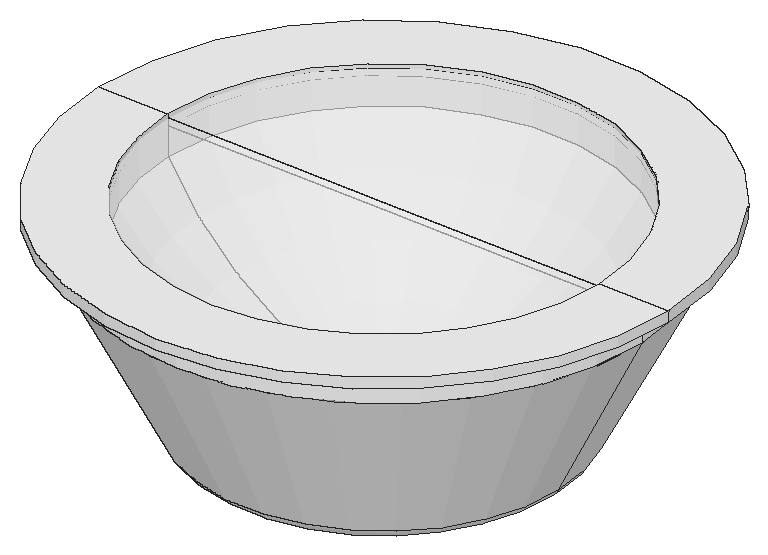
Revit family "0030436", category Lighting Fixtures, host Face, Revit 2017
Family settings
  Host = Face
  Round Connector Dimension = Use Diameter
  Part Type = Normal
  OmniClass Number = 23.80.70.00
  OmniClass Title = Lighting
  Cut with Voids When Loaded = No
  Light Source = Yes
  Shared = No
  Room Calculation Point = No
Parameters (values of type "0030436 INSAVER SLIM UGR19 150 IP44 850LM 930")
  WidthBezel_SYL = if(Size1_SYL, 20 mm, if(Size2_SYL, 20 mm, if(Size3PIR_SYL, 30 mm, if(Size4_SYL, 20 mm, 20 mm))))  # 20 mm
  Weight = "9.0 kg"
  Wattage Comments = ""
  Wattage = 9 W
  WarrantyStartDate [instance] = "n/a"
  WarrantyGuarantorParts = "n/a"
  WarrantyDurationUnit = "n/a"
  WarrantyDurationParts = "n/a"
  WarrantyDescription = "n/a"
  built-in parameter 1150110 = 1 (stored number, unit not read)
  Voltage = 0 V
  VisibilityPIR_SYL = Size3PIR_SYL  # no
  URL = "http://www.sylvania-lighting.com"
  TypeName = "Insaver Slim UGR19 150 IP44 850lm 930"
  Type Image = <None>
  Type Comments = "n/a"
  built-in parameter 1114217 = 1 (stored number, unit not read)
  Tilt Angle = -90.00°
  built-in parameter 1150109 = 1 (stored number, unit not read)
  built-in parameter 1150134 = (empty or 0)
  built-in parameter 1150113 = 1 (stored number, unit not read)
  Size4_SYL = no
  Size3PIR_SYL = no
  Size2_SYL = no
  Size1_SYL = yes
  SerialNumber [instance] = "n/a"
  RadiusTop_SYL = 6 mm
  RadiusReflector_SYL = if(Size1_SYL, 85 mm, if(Size2_SYL, 85 mm, if(Size3PIR_SYL, 85 mm, if(Size4_SYL, 100 mm, 120 mm))))  # 85 mm
  Photometric Web File = "0030436.ies"
  Material_3_FEILO = Top-Sylvania-STARTDownlight
  PowerFactor = 0.9
  PowerConsumption = "9 W"
  NominalLength = 165 mm
  NominalHeight = 50 mm
  NominalDepth = 165 mm
  Name = "Insaver Slim UGR19 150 IP44 850lm 930"
  ModelReference = Name  # "Insaver Slim UGR19 150 IP44 850lm 930"
  ModelNumber = "0030436"
  Model = Name  # "Insaver Slim UGR19 150 IP44 850lm 930"
  Material = "aluminium housing"
  ManufacturerName = "Feilo Sylvania"
  Manufacturer = "Feilo Sylvania"
  LuminousEfficacy = "94 lm/W"
  built-in parameter 1150105 = 761.37 (stored number, unit not read)
  Lumens = 846 lm
  LuminaireType = ""
  built-in parameter 1150115 = 1 (stored number, unit not read)
  LightOutputRatio = "n/a"
  built-in parameter 1150137 = (empty or 0)
  built-in parameter 1150139 = (empty or 0)
  LampsType = Lamp  # "LED"
  LampNominalLuminous = "850 lm"
  LampMacAdamStep = "3"
  LampColourTemperature = "3000 K"
  LampColourRenderingIndex = "90"
  built-in parameter 1150112 = 1 (stored number, unit not read)
  built-in parameter 1150114 = 1 (stored number, unit not read)
  Lamp = "LED"
  Keynote = "16500"
  InstallationDate [instance] = "n/a"
  InputVoltage = "n/a"
  InputNominalFrequency = "n/a"
  built-in parameter 1150132 = (empty or 0)
  built-in parameter 1150102 = (empty or 0)
  built-in parameter 1150107 = 3000 (stored number, unit not read)
  built-in parameter 1150138 = (empty or 0)
  IngressProtection = "IP44/20"
  ImpactProtectionIndex = "IK07"
  built-in parameter 1150106 = 7.6137 (stored number, unit not read)
  IfcExportType = "IfcLightFixtureType"
  IfcExportAs = "IfcLightFixtureType"
  Height_SYL = if(Size1_SYL, 61 mm, if(Size2_SYL, 61 mm, if(Size3PIR_SYL, 61 mm, if(Size4_SYL, 61 mm, 60 mm))))  # 61 mm
  HeightBezel_SYL = if(Size1_SYL, 3 mm, if(Size2_SYL, 3 mm, if(Size3PIR_SYL, 3 mm, if(Size4_SYL, 3.2 mm, 3 mm))))  # 3 mm
  ExpectedLife = 50000
  Emit from Circle Diameter = Diameter_SYL - 40 mm  # 125 mm
  Emit Shape Visible in Rendering = no
  ElectricShockClassification = "Class II"
  built-in parameter 1150104 = 8.7329 (stored number, unit not read)
  DurationUnit = "hours"
  DocumentationLiterature = "http://www.sylvania-lighting.com/product/en-int/products/0030436"
  DimmingControlOptions = "n/a"
  Material_2_FEILO = Diffuser-Sylvania-STARTDownlight
  Dimming Lamp Color Temperature Shift = <None>
  Diameter_SYL = if(Size1_SYL, 165 mm, if(Size2_SYL, 190 mm, if(Size3PIR_SYL, 211 mm, if(Size4_SYL, 220 mm, 240 mm))))  # 165 mm
  DiameterTop_SYL = if(Size1_SYL, 98 mm, if(Size2_SYL, 122 mm, if(Size3PIR_SYL, 120 mm, if(Size4_SYL, 135 mm, 158 mm))))  # 98 mm
  DiameterTopBase_SYL = DiameterRecess_SYL  # 150 mm
  DiameterRecess_SYL = if(Size1_SYL, 150 mm, if(Size2_SYL, 170 mm, if(Size3PIR_SYL, 186 mm, if(Size4_SYL, 200 mm, 225 mm))))  # 150 mm
  Description = ""
  Default Elevation = 1219.2 mm
  CreatedOn = "11/19/2020"
  CreatedBy = "@sylvania-lighting.com"
  Cost = 0
  Color Filter = 16777215
  built-in parameter 1114216 [instance] = (empty or 0)
  ClassificationValue = "EF_70_80"
  ClassificationName = "Uniclass2015"
  Material_1_FEILO = Trim-Sylvania-STARTDownlight-White
  BarCode [instance] = "n/a"
  built-in parameter 1114218 = 1 (stored number, unit not read)
  built-in parameter 1150133 = 10 (stored number, unit not read)
  AssetType = "Fixed"
  AssetIdentifier [instance] = "n/a"
  Assembly Code = "D5020200"
  Apparent Load = 9 VA
  Material_4_FEILO = LED-Sylvania-STARTDownlight
Reference planes
  plane 1 "Center (Front/Back)": y = 0
  plane 2: z = 0
  plane 3 "Center (Left/Right)": x = 0
  plane 4: x = 82.5
  plane 5: x = -82.5
  plane 6: z = 3
  plane 7: z = -8
  plane 8: z = -58
  plane 9: x = -75
  plane 10: x = 75
  plane 11: x = -49
  plane 12: x = 49
  plane 13: z = -85
  plane 14: x = -62.5
  plane 15: z = 2
  plane 16: z = -46
  plane 17: x = -16
  plane 18: x = -67.5
  plane 19: x = -81.5
  plane 20: x = -99.5
  plane 21: x = -76.5
  plane 22: z = 5.5
  plane 23: z = 8.7
  plane 24: x = -75.5
  plane 25: z = 13.7
Forms (mm)
  Revolve 1, void
    sketch origin (0, 0, 0) x (1, 0, 0) y (0, 0, 1)
      loop
        line (0, 0) -> (-75, 0) -> (-75, -85) -> (0, -85) -> (0, 0)
      axis (0, 0) -> (0, -85)
    angle from 360 to 0
  Revolve 2, solid, material "Trim-Sylvania-STARTDownlight-White" <- "Material_1_FEILO"
    sketch origin (0, 0, 0) x (1, 0, 0) y (0, 0, 1)
      loop
        line (-62.5, 3) -> (-82.5, 3) -> (-82.5, 0) -> (-75, 0) -> (-75, -8) -> (-50.681, -54.768)
        arc (-50.681, -54.768) -> (-48.471, -57.129) -> (-45.357, -58) r 6
        line (-45.357, -58) -> (0, -58) -> (0, -46) -> (-16, -46)
        arc (-16, -46) -> (-42.718, -31.243) -> (-62.5, -8) r 85
        line (-62.5, -8) -> (-62.5, 3)
      axis (0, 3) -> (0, -58)
    angle from 360 to 0
  Revolve 3, solid, material "Diffuser-Sylvania-STARTDownlight" <- "Material_2_FEILO"
    sketch origin (0, 0, 0) x (1, 0, 0) y (0, 0, 1)
      loop
        line (-62.5, 0) -> (0, 0) -> (0, 2) -> (-62.5, 2) -> (-62.5, 0)
      axis (0, 2) -> (0, 0)
    angle from 360 to 0
  Revolve 4, solid, material "Trim-Sylvania-STARTDownlight-White" <- "Material_1_FEILO", visible <- "VisibilityPIR_SYL"
    sketch origin (0, 0, 0) x (1, 0, 0) y (0, 0, 1)
      loop
        line (-67.5, 3) -> (-67.5, 13.7)
        arc (-67.5, 13.7) -> (-72.217, 12.347) -> (-75.5, 8.7) r 8.9
        line (-75.5, 8.7) -> (-75.5, 5.5) -> (-76.5, 5.5) -> (-76.5, 3) -> (-67.5, 3)
      axis (-67.5, 13.7) -> (-67.5, 3)
    angle from 360 to 0
Dimensions and locks
  equal spacing: plane 4, plane 3 "Center (Left/Right)", plane 5
  "Diameter_SYL": plane 4 to plane 5
  equal spacing: plane 10, plane 3 "Center (Left/Right)", plane 9
  equal spacing: plane 12, plane 3 "Center (Left/Right)", plane 11
  "DiameterTop_SYL": plane 12 to plane 11
  "HeightBezel_SYL": plane 6 to plane 2
  "Height_SYL": plane 6 to plane 8
  locked: plane 2 to plane 7 at 8
  locked: plane 2 to plane 13 at 85
  "WidthBezel_SYL": plane 14 to plane 5
  locked: plane 6 to plane 15 at 1
  "DiameterRecess_SYL": plane 10 to plane 9
  locked: plane 3 "Center (Left/Right)" to plane 17 at 16
  locked: plane 16 to plane 8 at 12
  locked: plane 18 to plane 21 at 9
  locked: plane 22 to plane 6 at 2.5
  locked: plane 23 to plane 22 at 3.2
  locked: plane 18 to plane 24 at 8
  locked: plane 25 to plane 23 at 5
  locked: plane 25 to Revolve 4 sketch curve at 8.9
  locked: plane 18 to plane 5 at 15
  "RadiusReflector_SYL": radius of Revolve 2 sketch curve
  "RadiusTop_SYL": radius of Revolve 2 sketch curve
  aligned and locked: plane 2 to host face
  aligned and locked: level to host face
  aligned and locked: Revolve 1 sketch curve to plane 3 "Center (Left/Right)"
  aligned and locked: plane 3 "Center (Left/Right)" to Revolve 1 sketch curve
  aligned and locked: Revolve 1 sketch curve to plane 9
  aligned and locked: plane 13 to Revolve 1 sketch curve
  aligned and locked: plane 3 "Center (Left/Right)" to imposter light
  aligned and locked: imposter light to plane 15
  aligned and locked: imposter light to plane 1 "Center (Front/Back)"
  aligned and locked: Revolve 2 sketch curve to plane 3 "Center (Left/Right)"
  aligned and locked: Revolve 2 sketch curve to plane 6
  aligned and locked: Revolve 2 sketch curve to plane 5
  aligned and locked: Revolve 2 sketch curve to level
  aligned and locked: plane 7 to Revolve 2 sketch curve  (x2)
  aligned and locked: Revolve 2 sketch curve to plane 9
  aligned and locked: plane 8 to Revolve 2 sketch curve
  aligned and locked: Revolve 2 sketch curve to plane 14
  aligned and locked: plane 3 "Center (Left/Right)" to Revolve 2 sketch curve
  aligned and locked: Revolve 2 sketch curve to plane 16
  aligned and locked: Revolve 3 sketch curve to plane 3 "Center (Left/Right)"
  aligned and locked: Revolve 3 sketch curve to level
  aligned and locked: imposter light to Revolve 3 sketch curve  (x2)
  aligned and locked: Revolve 4 sketch curve to plane 18  (x2)
  aligned and locked: Revolve 4 sketch curve to plane 6
  aligned and locked: plane 22 to Revolve 4 sketch curve
  aligned and locked: plane 24 to Revolve 4 sketch curve
  aligned and locked: Revolve 4 sketch curve to Revolve 4 sketch curve
  aligned and locked: plane 21 to Revolve 4 sketch curve
Automatic sketch dimensions
  host sketch curve to host sketch curve = 2438.4 mm  (x2)
  plane 13 to Revolve 1 sketch curve = 524.6 mm
  Revolve 1 sketch curve to plane 6 = 2606.058 mm
  Revolve 1 sketch curve to level = 0 mm
  Revolve 2 sketch curve to plane 17 = 0 mm
  Revolve 2 sketch curve to plane 11 = 1.681 mm
  plane 11 to Revolve 2 sketch curve = 3.643 mm
  plane 13 to Revolve 2 sketch curve = 524.6 mm
  Revolve 2 sketch curve to Revolve 2 sketch curve = 2577.983 mm
  Revolve 3 sketch curve to plane 14 = 0 mm
  plane 13 to Revolve 3 sketch curve = 524.6 mm
  Revolve 3 sketch curve to plane 6 = 2606.058 mm
  Revolve 4 sketch curve to plane 23 = 0 mm
  plane 13 to Revolve 4 sketch curve = 524.6 mm
  Revolve 4 sketch curve to Revolve 4 sketch curve = 2595.358 mm
Connectors
  electrical at (0, 0, 0), driven by "Apparent Load", driven by "PowerFactor", driven by "Voltage"
    settings: index 1, voltage 0 V, apparent load 9 VA, apparent load phase1 0 VA, apparent load phase2 0 VA, apparent load phase3 0 VA, power factor 0.9, load classification "Lighting", number of poles 1, system type 30, power factor state 1, is connector primary yes, connector utility no, sub classification motor no, connector description ""
